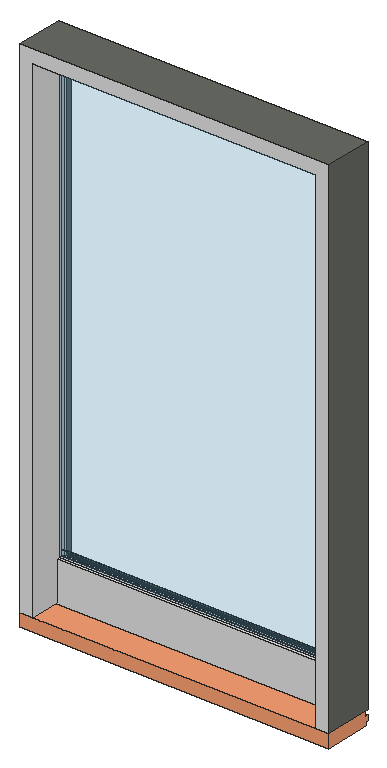
Revit family "Hajom Classic Type F - 85-37-W007 Fixed Door (Wooden)", category Doors, host Wall, Revit 2016
Family settings
  Host = Wall
  OmniClass Number = 23.30.10.00
  OmniClass Title = Doors
  Always vertical = Yes
  Cut with Voids When Loaded = No
  Shared = No
  Room Calculation Point = No
Parameters
  Youtube clip = ""
  Weight Net (Kg) = "0"
  Uniformat II Description = "Exterior Windows"
  Uniformat II Code = "B2020"
  Uniclass 2015 Name = "Wood window units"
  Uniclass 2015 Code = "Pr_30_59_98_96"
  Uniclass 2.0 Description = ""
  Uniclass 2.0 Code = ""
  Uniclass 1.4 Description = ""
  Uniclass 1.4 Code = ""
  UNSPSC Code = ""
  Thickness = 0 mm  # constant formula
  Thereshold Material [instance] = Teac
  Technical description = "http://www.hajom.com/infocenter/"
  Rough Width = 0 mm  # constant formula
  Rough Height = 0 mm  # constant formula
  Region South America = "AR, BO, BR, CL, CO, EC, FK, GF, GY, PE, PY, SR, UY, VE"
  Region Oceania = "AS, AU, CK, FJ, FM, GU, KI, MH, MP, NC, NF, NR, NU, NZ, PF, PG, PN, PW, SB, TK, TL, TO, TV, UM, WF, WS, VU"
  Region North America = "AG, AI, AW, BB, BL, BM, BQ, BS, BZ, CA, CR, CU, CW, DM, DO, GD, GL, GP, GT, HN, HT, JM, KN, KY, LC, MF, MQ, MS, MX, NI, PA, PM, PR, SV, SX, TC, TT, US, VC, VG, VI"
  Region Middle East = "AE, AF, BH, EG, IL, IQ, IR, JO, KW, LB, OM, PS, QA, SA, SY, TR, YE"
  Region Europe = "AD, AL, AT, AX, BA, BE, BG, BY, CH, CY, CZ, DE, DK, EE, ES, FI, FO, FR, GB, GG, GI, GR, HR, HU, IE, IM, IS, IT, JE, LI, LT, LU, LV, MC, MD, ME, MK, MT, NL, NO, PL, PT, RO, RS, RU, SE, SI, SJ, SK, SM, UA, VA"
  Region Asia = "AM, AZ, BD, BN, BT, CC, CN, CX, GE, HK, ID, IN, IO, JP, KG, KH, KR, KZ, LA, LK, MM, MN, MO, MV, MY, NP, PH, PK, SG, TH, TJ, TM, TW, UZ, VN"
  Region Antarctica = "AQ, BV, GS, HM, TF"
  Region Africa = "AO, BF, BI, BJ, BW, CD, CF, CG, CI, CM, CV, DJ, DZ, EH, ER, ET, GA, GH, GM, GN, GQ, GW, KE, KM, LR, LS, LY, MA, MG, ML, MR, MU, MW, MZ, NA, NE, NG, RE, RW, SC, SD, SH, SL, SN, SO, SS, ST, SZ, TD, TG, TN, TZ, UG, YT, ZA, ZM, ZW"
  QR code = "http://bimobject.com/hajom/product/TypF"
  Product url = "http://www.hajom.com/skjutdorrar/hajom-klassiska-serien/"
  Product group = "Klassiska"
  Product family = "Skjutdörrar"
  Product data url = "https://bimobject.com/hajom/product/TypF"
  Product certification = "http://www.hajom.com/infocenter/"
  Product SKU = "TypF"
  Product Guid = "7d29b891-1c16-43cc-978c-53b31397558d"
  Option4 [instance] = Glass 3 Layer : Glass - Sun Protection
  Option3 [instance] = Glass 3 Layer : Glass - Bioclean
  Option2 [instance] = Glass 3 Layer : Glass - Sound
  Option1 [instance] = Glass 3 Layer : Glass- Standard
  Opt.4 [instance] = Glass Selection = Option4  # no
  Opt.3 [instance] = Glass Selection = Option3  # no
  Opt.2 [instance] = Glass Selection = Option2  # no
  Opt.1 [instance] = Glass Selection = Option1  # yes
  OmniClass Description = "Wood Fixed Windows"
  OmniClass Code = "23-17 13 15 11"
  Nominal width = 0 mm
  Nominal height = 0 mm
  NBS Reference Description = ""
  NBS Reference Code = ""
  Min Door Width [instance] = 580 mm  # constant formula
  Min Door Height [instance] = 2020 mm  # constant formula
  Max Door Width [instance] = 2180 mm  # constant formula
  Max Door Height [instance] = 2420 mm  # constant formula
  Material secondary = "Glass"
  Material main = "Wood"
  Masterformat 2014 Description = "Wood Windows"
  Masterformat 2014 Code = "08 52 00"
  Manufacturer name = "Hajom"
  Manufacturer country = "Sweden"
  Interior Color [instance] = Pure White
  Installation instructions = "http://www.hajom.com/infocenter/"
  Inset [instance] = 50 mm
  IFC Classification = "Window"
  Glass Selection [instance] = Glass 3 Layer : Glass- Standard
  Gap [instance] = 10 mm  # constant formula
  Function = Interior
  Frame Projection Ext. = 25 mm
  Frame Projection Int. = 25 mm
  Frame Width = 75 mm
  Height = 0 mm  # constant formula
  Wall Closure = By host
  Width = 0 mm  # constant formula
  Fixed Door Width [instance] = 1300 mm
  Fixed Door Height [instance] = 2200 mm
  Exterior Color [instance] = Fir Green RAL 6009
  Edition number = 1
  EAN code = ""
  Door Width [instance] = if(Fixed Door Width < Min Door Width, Min Door Width, if(Fixed Door Width > Max Door Width, Max Door Width, Fixed Door Width))  # 1300 mm
  Door Height [instance] = if(Fixed Door Height < Min Door Height, Min Door Height, if(Fixed Door Height > Max Door Height, Max Door Height, Fixed Door Height))  # 2200 mm
  Design country = "Sweden"
  Date of publishing = ""
  COBIe Type Category = ""
  Brand url = "https://hajom.com"
  BIMobject main category code = "windows"
  BIMobject main category = "Windows"
  BIMobject category code = "windows-fixed"
  BIMobject category = "Fixed Frames"
  Analytic Construction = "<None>"
Reference planes
  plane 1: y = 0
  plane 2 "Center (Left/Right)": x = 0
  plane 3 "Left": x = -660
  plane 4 "Right": x = 660
  plane 5: z = 2210
  plane 6 "Exterior": y = 75
  plane 7 "Interior": y = -75
  plane 8 "Door Top": z = 2200
  plane 9 "Door Right": x = -650
  plane 10 "Door Left": x = 650
  plane 11 "Door Exterior": y = 25
  plane 12 "Sash Bottom/Frame Top": z = 55
  plane 13 "Glass Center": y = -23
  plane 14: z = 204
  plane 15 "Alu": x = -614
  plane 16 "Alu1": x = 614
Forms (mm)
  Sweep 1, solid
    path origin (0, 25, 0) x (-1, 0, 0) y (0, 0, 1)
      loop
        line (650, 55) -> (650, 2200) -> (-650, 2200) -> (-650, 55)
    profile origin (-650, 25, 1127.5) x (1, 0, 0) y (0, 1, 0)
      loop
        line (0, 0) -> (0, -205) -> (55, -205) -> (55, -68) -> (36, -68) -> (36, -28) -> (54, -28) -> (54, -6) -> (36, -6) -> (36, 0) -> (0, 0)
  Sweep 2, solid, material "Teac" <- "Thereshold Material"
    path origin (0, 25, 0) x (-1, 0, 0) y (0, 0, 1)
      loop
        line (650, 0) -> (-650, 0)
    profile origin (0, 25, 0) x (0, 0, -1) y (0, 1, 0)
      loop
        line (0, -10) -> (-15, -10) -> (-15, 0) -> (-35, 0) -> (-37, -15) -> (-55, -15) -> (-55, -205) -> (0, -205) -> (0, -10)
  Sweep 3, solid
    path origin (0, 25, 0) x (-1, 0, 0) y (0, 0, 1)
      loop
        line (-614, 55) -> (614, 55)
    profile origin (0, 25, 55) x (0, 0, 1) y (0, 1, 0)
      loop
        line (0, 0) -> (0, -82) -> (168, -82) -> (168, -68) -> (149, -68) -> (142, 0) -> (0, 0)
  Sweep 4, solid, material "Fir Green RAL 6009" <- "Exterior Color", detail levels fine
    path origin (0, 25, 0) x (-1, 0, 0) y (0, 0, 1)
      loop
        line (-614, 0) -> (614, 0)
    profile "Aluminum Profile : Aluminum Profile" origin (0, 25, 0) x (0, 0, 1) y (0, 1, 0)
      loop
        line (188, 5) -> (188, 3.553) -> (202.186, 3.553) -> (212.32, -18.18) -> (212.32, -19.6) -> (210.526, -19.6) -> (210.526, -16.236) -> (209.079, -16.236) -> (209.079, -19.6) -> (202.601, -19.6) -> (202.601, -18.105) -> (199.909, -20.796) -> (213.175, -20.796) -> (213.175, -22.815) -> (217.18, -22.815) -> (217.18, -21.544) -> (215.086, -21.544) -> (215.086, -18.815) -> (221.432, -18.815) -> (224.432, -22.815) -> (222.739, -22.815) -> (222.739, -24.103) -> (227.739, -24.103) -> (222.301, -16.853) -> (213.175, -16.853) -> (202.985, 5) -> (188, 5)
Lines and regions (mm)
  Opening 1
    outline origin (-3050, -75, 0) x (1, 0, 0) y (0, 0, 1)
      loop
        line (2390, 0) -> (3710, 0) -> (3710, 2210) -> (2390, 2210) -> (2390, 0)
Text (mm)
  text "Exterior" at (-2295.016, 1099.543, 0), in view "Ref. Level"
  text "Exterior" at (0, 1615.38, 3698.081), in view "Left"
  text "Exterior" at (0, 1036.032, 3874.932), in view "Right"
Dimensions and locks
  equal spacing: plane 3 "Left", plane 2 "Center (Left/Right)", plane 4 "Right"
  host wall to plane 5 = 2210 mm
  locked: plane 6 "Exterior" to host wall at 0
  locked: plane 7 "Interior" to host wall
  "Gap": plane 5 to plane 8 "Door Top"
  "Gap": plane 9 "Door Right" to plane 3 "Left"
  "Gap": plane 10 "Door Left" to plane 4 "Right"
  "Door Width": plane 9 "Door Right" to plane 10 "Door Left"
  "Door Height": plane 8 "Door Top" to level
  "Inset": plane 11 "Door Exterior" to plane 6 "Exterior"
  locked: Sweep 1 sketch curve to Sweep 1 sketch curve at 205
  equal spacing: Sweep 1, plane 13 "Glass Center", Sweep 1
  plane 11 "Door Exterior" to plane 13 "Glass Center" = 48 mm
  plane 14 to level = 204 mm
  plane 9 "Door Right" to plane 15 "Alu" = 36 mm  (x2)
  plane 16 "Alu1" to plane 10 "Door Left" = 36 mm  (x2)
  aligned and locked: plane 3 "Left" to Opening 1 sketch curve
  aligned and locked: plane 5 to Opening 1 sketch curve  (x2)
  aligned and locked: Opening 1 sketch curve to plane 4 "Right"
  aligned and locked: Opening 1 sketch curve to level
  aligned and locked: plane 1 to host wall
  aligned and locked: plane 9 "Door Right" to Sweep 1 sketch curve
  aligned and locked: plane 10 "Door Left" to Sweep 1 sketch curve
  aligned and locked: Sweep 1 sketch curve to plane 8 "Door Top"
  aligned and locked: Sweep 1 sketch curve to plane 9 "Door Right"
  aligned and locked: plane 11 "Door Exterior" to Sweep 1 sketch curve
  aligned and locked: Sweep 2 sketch curve to level
  aligned and locked: plane 12 "Sash Bottom/Frame Top" to Sweep 3 sketch curve
  aligned and locked: plane 13 "Glass Center" to nested 1
  aligned and locked: Sweep 1 to nested 1
  aligned and locked: nested 1 to Sweep 1  (x2)
  aligned and locked: nested 1 to plane 14
  aligned and locked: plane 16 "Alu1" to Sweep 4 sketch curve
  aligned and locked: plane 15 "Alu" to Sweep 4 sketch curve
  aligned and locked: Sweep 4 sketch curve to level
  aligned and locked: plane 12 "Sash Bottom/Frame Top" to Sweep 1 sketch curve  (x2)
  aligned and locked: plane 10 "Door Left" to Sweep 2 sketch curve
  aligned and locked: plane 9 "Door Right" to Sweep 2 sketch curve
  aligned and locked: plane 15 "Alu" to Sweep 3 sketch curve
  aligned and locked: plane 16 "Alu1" to Sweep 3 sketch curve
Automatic sketch dimensions
  Sweep 1 sketch curve to plane 11 "Door Exterior" = 6 mm
  Sweep 1 sketch curve to Sweep 1 sketch curve = 0 mm
  Sweep 1 sketch curve to Sweep 1 sketch curve = 22 mm
  Sweep 1 sketch curve to Sweep 1 sketch curve = 40 mm
  Sweep 1 sketch curve to profile plane = 36 mm
  Sweep 1 sketch curve to Sweep 1 sketch curve = 18 mm
  Sweep 1 sketch curve to Sweep 1 sketch curve = 19 mm
  Sweep 2 sketch curve to plane 11 "Door Exterior" = 0 mm
  Sweep 2 sketch curve to profile plane = 0 mm
  profile plane to Sweep 2 sketch curve = 15 mm
  profile plane to Sweep 2 sketch curve = 55 mm
  Sweep 2 sketch curve to plane 11 "Door Exterior" = 10 mm
  Sweep 2 sketch curve to plane 11 "Door Exterior" = 15 mm
  Sweep 2 sketch curve to Sweep 2 sketch curve = 190 mm
  Sweep 2 sketch curve to Sweep 2 sketch curve = 20 mm
  Sweep 2 sketch curve to Sweep 2 sketch curve = 2 mm
  profile plane to Sweep 3 sketch curve = 0 mm
  Sweep 3 sketch curve to plane 11 "Door Exterior" = 0 mm
  Sweep 3 sketch curve to profile plane = 168 mm
  Sweep 3 sketch curve to plane 11 "Door Exterior" = 82 mm
  Sweep 3 sketch curve to Sweep 3 sketch curve = 26 mm
  Sweep 3 sketch curve to Sweep 3 sketch curve = 19 mm
  Sweep 3 sketch curve to plane 11 "Door Exterior" = 68 mm
Nested families
  nested 1: "Glass 3 Layer" at (0, -23, 204), type "Glass - Sound"
    with Glass width 1228 mm, Glass height 1960 mm, Glass Material Glass, Aluminium none
  nested 2: "Standart" at (0, 360, 0), visible <- "Opt.1", type "Standart"
  nested 3: "Sound" at (0, 357.018, 0), visible <- "Opt.2", type "Sound"
  nested 4: "Bioclean" at (-14.009, 360, 0), visible <- "Opt.3", type "Bioclean"
  nested 5: "Sun Protection" at (5.342, 357.018, 0), visible <- "Opt.4", type "Sun Protection"
Definition of nested family "Glass 3 Layer"
  Parameters (values of type "Glass - Sun Protection")
    Glass width [instance] = 2500 mm
    Glass height [instance] = 1500 mm
    Glass Material [instance] = none
    Distance 2 = 12 mm
    Distance 1 = 12 mm
    Analytic Construction = "<None>"
    Aluminium [instance] = none
  Types (4): name
    Glass - Sound
    Glass- Standard
    Glass - Sun Protection
    Glass - Bioclean
  Reference planes
    plane 1 "Center (Front/Back)": y = 0
    plane 2: z = 0
    plane 3 "Center (Left/Right)": x = 0
    plane 4: y = 2.03
    plane 5: y = 14.03
    plane 6: y = 18.03
    plane 7: y = -2.03
    plane 8: y = -14.03
    plane 9: y = -18.03
    plane 10: x = -1250
    plane 11: x = 1250
    plane 12: z = 1500
    plane 13: z = 750
  Forms (mm)
    Extrusion 1, solid, material <- "Glass Material"
      sketch origin (0, 0, 0) x (1, 0, 0) y (0, 1, 0)
        loop
          line (-1250, 18.03) -> (-1250, 14.03) -> (1250, 14.03) -> (1250, 18.03) -> (-1250, 18.03)
      from 0 to 1500
    Extrusion 2, solid, material <- "Glass Material"
      sketch origin (0, 0, 0) x (1, 0, 0) y (0, 1, 0)
        loop
          line (-1250, -14.03) -> (-1250, -18.03) -> (1250, -18.03) -> (1250, -14.03) -> (-1250, -14.03)
      from 0 to 1500
    Extrusion 3, solid, material <- "Glass Material"
      sketch origin (0, 0, 0) x (1, 0, 0) y (0, 1, 0)
        loop
          line (-1250, 2.03) -> (-1250, -2.03) -> (1250, -2.03) -> (1250, 2.03) -> (-1250, 2.03)
      from 0 to 1500
    Sweep 4, solid, material <- "Aluminium"
      path origin (0, 0, 0) x (1, 0, 0) y (0, 0, 1)
        loop
          line (1247, 1497) -> (-1247, 1497) -> (-1247, 3) -> (1247, 3) -> (1247, 1497)
      profile origin (0, 0, 1497) x (0, 0, -1) y (0, -1, 0)
        loop
          line (0, -14.03) -> (10, -14.03) -> (10, -2.03) -> (0, -2.03) -> (0, -14.03)
        loop
          line (0, 2.03) -> (10, 2.03) -> (10, 14.03) -> (0, 14.03) -> (0, 2.03)
  Dimensions and locks
    "Distance 1": plane 8 to plane 7
    "Distance 2": plane 5 to plane 4
    locked: plane 6 to plane 5 at 4
    locked: plane 9 to plane 8 at 4
    equal spacing: plane 7, plane 1 "Center (Front/Back)", plane 4
    locked: plane 7 to plane 4 at 4.061
    equal spacing: plane 10, plane 3 "Center (Left/Right)", plane 11
    "Glass width": plane 10 to plane 11
    "Glass height": plane 12 to plane 2
    locked: Sweep 4 sketch curve to plane 12 at 3
    locked: Sweep 4 sketch curve to plane 10 at 3
    locked: plane 2 to Sweep 4 sketch curve at 3
    locked: Sweep 4 sketch curve to plane 11 at 3
    Sweep 4 sketch curve to Sweep 4 sketch curve = 10 mm  (x2)
    equal spacing: plane 12, plane 13, plane 2
    equal spacing: Extrusion 1, plane 13, Extrusion 1
    equal spacing: plane 11, plane 3 "Center (Left/Right)", plane 10
    aligned and locked: level to plane 2
    aligned and locked: Extrusion 1 sketch curve to plane 6
    aligned and locked: plane 5 to Extrusion 1 sketch curve
    aligned and locked: plane 10 to Extrusion 1 sketch curve
    aligned and locked: Extrusion 1 sketch curve to plane 11
    aligned and locked: plane 12 to Extrusion 1
    aligned and locked: plane 11 to Extrusion 1
    aligned and locked: Extrusion 1 to plane 10
    aligned and locked: plane 10 to Extrusion 2 sketch curve
    aligned and locked: plane 8 to Extrusion 2 sketch curve
    aligned and locked: Extrusion 2 sketch curve to plane 9
    aligned and locked: Extrusion 2 sketch curve to plane 11
    aligned and locked: plane 12 to Extrusion 2
    aligned and locked: Extrusion 1 to plane 2
    aligned and locked: plane 2 to Extrusion 1
    aligned and locked: Extrusion 2 to plane 2
    aligned and locked: Extrusion 3 sketch curve to plane 4
    aligned and locked: Extrusion 3 sketch curve to plane 7
    aligned and locked: plane 10 to Extrusion 3 sketch curve
    aligned and locked: Extrusion 3 sketch curve to plane 11
    aligned and locked: plane 12 to Extrusion 3
    aligned and locked: Extrusion 3 to plane 2
    aligned and locked: Sweep 4 sketch curve to plane 5
    aligned and locked: plane 4 to Sweep 4 sketch curve
    aligned and locked: plane 7 to Sweep 4 sketch curve
    aligned and locked: Sweep 4 sketch curve to plane 8
  Automatic sketch dimensions
    Sweep 4 sketch curve to profile plane = 0 mm
    Sweep 4 sketch curve to Sweep 4 sketch curve = 0 mm
Definition of nested family "Standart"
  Reference planes
    plane 1 "Center (Front/Back)": y = 0
    plane 2: z = 0
    plane 3 "Center (Left/Right)": x = 0
  Imported bodies without a history: 1
Definition of nested family "Sound"
  Reference planes
    plane 1 "Center (Front/Back)": y = 0
    plane 2: z = 0
    plane 3 "Center (Left/Right)": x = 0
  Imported bodies without a history: 1
Definition of nested family "Bioclean"
  Reference planes
    plane 1 "Center (Front/Back)": y = 0
    plane 2: z = 0
    plane 3 "Center (Left/Right)": x = 0
  Imported bodies without a history: 1
Definition of nested family "Sun Protection"
  Reference planes
    plane 1 "Center (Front/Back)": y = 0
    plane 2: z = 0
    plane 3 "Center (Left/Right)": x = 0
  Imported bodies without a history: 1
